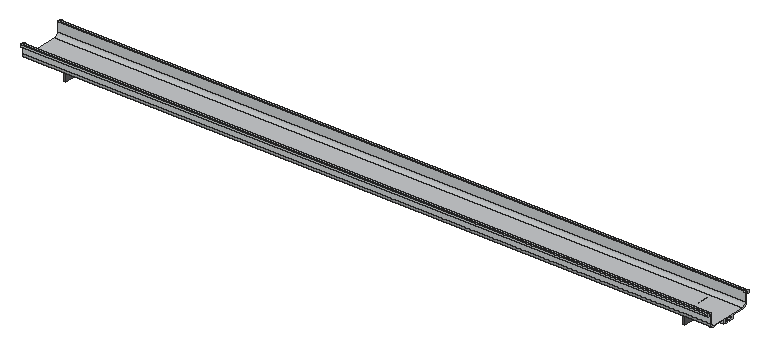
Revit family "Richelieu_Gola_Channel_Profiles_2025", category Generic Models, Revit 2025
Family settings
  Can host rebar = No
  Round Connector Dimension = Use Diameter
  Part Type = Normal
  Cut with Voids When Loaded = No
  Maintain Annotation Orientation = No
  Shared = No
  Room Calculation Point = No
Parameters (values of type "Horizontal - C - Double Grip")
  URL = "https://www.richelieu.com/us/en/category/moldings-corbels-and-components/metal-and-pvc-moldings-profiles-and-rails/gola-cabinet-profiles/1182698"
  Type VS = no
  Type VD = no
  Type HL = no
  Type HC = yes
  Stock Length = 4100 mm
  Show Right End Cap [instance] = no
  Show Mounting Clips [instance] = yes
  Show Left End Cap [instance] = no
  Show Internal 90 Joint [instance] = no
  Show External 90 Joint [instance] = no
  Show Assembly Bracket [instance] = no
  Right End Cap Open [instance] = no
  Profile Width = 26 mm
  Profile Type = "HC"
  Profile Material = Gola - Brushed Stainless Finish
  Profile Height = 72.7 mm
  Open End Cap Product = "7001045170"
  Mounting Clip Material = Gola - Black Plastic Mounting Clips
  Model Accuracy Notes = "Source overall sections: C 26x72.7; L 27x56; vertical single 48.25x36.6; double 66.5x36.6mm. Undimensioned small radii/thickness, teeth and accessory internals simplified. Stock vertical drawing 4400mm; website packaging sometimes states 4500mm."
  Model = "70010040410170"
  Manufacturer Product Number = "70010040410170"
  Manufacturer = "Richelieu Hardware"
  built-in parameter 1001306 [instance] = 1000 mm
  Left End Cap Open [instance] = no
  Internal Joint Product = "7001016I170"
  HL internal joint [instance] = and(Type HL, Show Internal 90 Joint)  # no
  HL external joint [instance] = and(Type HL, Show External 90 Joint)  # no
  HL clips [instance] = and(Type HL, Show Mounting Clips)  # no
  HL bracket linear [instance] = and(Type HL, and(Show Assembly Bracket, Bracket As Linear Join))  # no
  HL bracket bent [instance] = and(Type HL, and(Show Assembly Bracket, not(Bracket As Linear Join)))  # no
  HL Right open [instance] = and(Type HL, and(Show Right End Cap, Right End Cap Open))  # no
  HL Right closed [instance] = and(Type HL, and(Show Right End Cap, not(Right End Cap Open)))  # no
  HL Left open [instance] = and(Type HL, and(Show Left End Cap, Left End Cap Open))  # no
  HL Left closed [instance] = and(Type HL, and(Show Left End Cap, not(Left End Cap Open)))  # no
  HC internal joint [instance] = and(Type HC, Show Internal 90 Joint)  # no
  HC external joint [instance] = and(Type HC, Show External 90 Joint)  # no
  HC clips [instance] = and(Type HC, Show Mounting Clips)  # yes
  HC bracket linear [instance] = and(Type HC, and(Show Assembly Bracket, Bracket As Linear Join))  # no
  HC bracket bent [instance] = and(Type HC, and(Show Assembly Bracket, not(Bracket As Linear Join)))  # no
  HC Right open [instance] = and(Type HC, and(Show Right End Cap, Right End Cap Open))  # no
  HC Right closed [instance] = and(Type HC, and(Show Right End Cap, not(Right End Cap Open)))  # no
  HC Left open [instance] = and(Type HC, and(Show Left End Cap, Left End Cap Open))  # no
  HC Left closed [instance] = and(Type HC, and(Show Left End Cap, not(Left End Cap Open)))  # no
  Grip Configuration = "Double"
  Finish = "Brushed stainless steel appearance"
  External Joint Product = "7001016E170"
  Effective Accessory Offset [instance] = if(Accessory Offset < 25 mm, 25 mm, if(Accessory Offset > [built-in parameter 1001306] / 2 - 20 mm, [built-in parameter 1001306] / 2 - 20 mm, Accessory Offset))  # 50 mm
  Description = "Horizontal - C - Double Grip; line based length with endpoint grips"
  Default Elevation = 0 mm
  Control 3864 Start [instance] = [built-in parameter 1001306] + 25.8 mm  # 1025.8 mm
  Control 3864 End [instance] = [built-in parameter 1001306] + 27 mm  # 1027 mm
  Control 3851 Start [instance] = [built-in parameter 1001306] + 0 mm  # 1000 mm
  Control 3851 End [instance] = [built-in parameter 1001306] + 27 mm  # 1027 mm
  Control 3792 Start [instance] = [built-in parameter 1001306] - 34 mm  # 966 mm
  Control 3792 End [instance] = [built-in parameter 1001306] + 34 mm  # 1034 mm
  Control 3780 Start [instance] = [built-in parameter 1001306] - 2.4 mm  # 997.6 mm
  Control 3768 Start [instance] = [built-in parameter 1001306] - 68 mm  # 932 mm
  Control 3743 Start [instance] = [built-in parameter 1001306] - Effective Accessory Offset - 17 mm  # 933 mm
  Control 3722 End [instance] = [built-in parameter 1001306] - Effective Accessory Offset + 12.2 mm  # 962.2 mm
  Control 3709 Start [instance] = [built-in parameter 1001306] - Effective Accessory Offset  # 950 mm
  Control 3709 End [instance] = [built-in parameter 1001306] - Effective Accessory Offset + 3 mm  # 953 mm
  Control 3686 Start [instance] = Effective Accessory Offset - 17 mm  # 33 mm
  Control 3665 End [instance] = Effective Accessory Offset + 12.2 mm  # 62.2 mm
  Control 3653 End [instance] = Effective Accessory Offset + 3 mm  # 53 mm
  Control 3640 Start [instance] = [built-in parameter 1001306] - 8 mm  # 992 mm
  Control 3548 End [instance] = [built-in parameter 1001306] + 11 mm  # 1011 mm
  Control 3536 End [instance] = [built-in parameter 1001306] + 2 mm  # 1002 mm
  Closed End Cap Product = "7001046170"
  Cap Material = Gola - Brushed Stainless Finish
  Bracket Material = Gola - Galvanized Bracket
  Bracket As Linear Join [instance] = no
  Base Material = "Anodized aluminum"
  Application = "Horizontal"
  Accessory Offset [instance] = 50 mm
  Accessory Notes = "Horizontal: BP7001010 clips; 70010999 bracket. Internal joint at START, external at END. Disable end cap where corner used. Vertical: direct screw fixing; horizontal fittings suppressed."
Reference planes
  plane 1 "Center (Front/Back)": y = 0
  plane 2: z = 0
  plane 3 "Left": x = 0
  plane 4 "Right": x = 1000
Forms (mm)
  Extrusion 1, solid, material "Gola - Brushed Stainless Finish" <- "Profile Material", visible <- "Type HC"
    sketch origin (0, 0, 0) x (0, 1, 0) y (0, 0, 1)
      loop
        line (72.7, 22) -> (72.7, 24.8)
        arc (72.7, 24.8) -> (72.349, 25.648) -> (71.5, 26) r 1.2
        line (71.5, 26) -> (68.9, 26)
        arc (68.9, 26) -> (68.052, 25.648) -> (67.7, 24.8) r 1.2
        line (67.7, 24.8) -> (67.7, 11.9)
        arc (67.7, 11.9) -> (66.118, 8.082) -> (62.3, 6.5) r 5.4
        line (62.3, 6.5) -> (10.4, 6.5)
        arc (10.4, 6.5) -> (6.582, 8.082) -> (5, 11.9) r 5.4
        line (5, 11.9) -> (5, 24.8)
        arc (5, 24.8) -> (4.648, 25.648) -> (3.8, 26) r 1.2
        line (3.8, 26) -> (1.2, 26)
        arc (1.2, 26) -> (0.352, 25.648) -> (0, 24.8) r 1.2
        line (0, 24.8) -> (0, 22) -> (1.2, 22) -> (1.2, 24.8) -> (3.8, 24.8) -> (3.8, 11.9)
        arc (3.8, 11.9) -> (5.733, 7.233) -> (10.4, 5.3) r 6.6
        line (10.4, 5.3) -> (28.2, 5.3) -> (28.2, 0) -> (33.4, 0) -> (33.4, 1.2) -> (29.4, 1.2) -> (29.4, 5.3) -> (43.3, 5.3) -> (43.3, 1.2) -> (39.3, 1.2) -> (39.3, 0) -> (44.5, 0) -> (44.5, 5.3) -> (62.3, 5.3)
        arc (62.3, 5.3) -> (66.967, 7.233) -> (68.9, 11.9) r 6.6
        line (68.9, 11.9) -> (68.9, 24.8) -> (71.5, 24.8) -> (71.5, 22) -> (72.7, 22)
    from 0 to 1000 <- "built-in parameter 1001306"
  Extrusion 2, solid, material "Gola - Brushed Stainless Finish" <- "Cap Material", visible <- "HC Left closed"
    sketch origin (0, 0, 0) x (0, 1, 0) y (0, 0, 1)
      loop
        line (0, 0) -> (72.7, 0) -> (72.7, 26) -> (0, 26) -> (0, 0)
    from -2 to 0
  Extrusion 3, solid, material "Gola - Brushed Stainless Finish" <- "Cap Material", visible <- "HC Left open"
    sketch origin (0, 0, 0) x (0, 1, 0) y (0, 0, 1)
      loop
        line (74.35, 24.538) -> (74.35, 27.662)
        arc (74.35, 27.662) -> (74, 28.59) -> (73.096, 29) r 1.299
        line (73.096, 29) -> (70.378, 29)
        arc (70.378, 29) -> (69.474, 28.59) -> (69.123, 27.662) r 1.299
        line (69.123, 27.662) -> (69.123, 13.273)
        arc (69.123, 13.273) -> (67.546, 9.094) -> (63.478, 7.25) r 5.843
        line (63.478, 7.25) -> (9.222, 7.25)
        arc (9.222, 7.25) -> (5.154, 9.094) -> (3.577, 13.273) r 5.843
        line (3.577, 13.273) -> (3.577, 27.662)
        arc (3.577, 27.662) -> (3.226, 28.59) -> (2.322, 29) r 1.299
        line (2.322, 29) -> (-0.396, 29)
        arc (-0.396, 29) -> (-1.3, 28.59) -> (-1.65, 27.662) r 1.299
        line (-1.65, 27.662) -> (-1.65, 24.538) -> (-0.396, 24.538) -> (-0.396, 27.662) -> (2.322, 27.662) -> (2.322, 13.273)
        arc (2.322, 13.273) -> (4.25, 8.165) -> (9.222, 5.912) r 7.142
        line (9.222, 5.912) -> (27.83, 5.912) -> (27.83, 0) -> (33.266, 0) -> (33.266, 1.338) -> (29.085, 1.338) -> (29.085, 5.912) -> (43.615, 5.912) -> (43.615, 1.338) -> (39.434, 1.338) -> (39.434, 0) -> (44.87, 0) -> (44.87, 5.912) -> (63.478, 5.912)
        arc (63.478, 5.912) -> (68.45, 8.165) -> (70.378, 13.273) r 7.142
        line (70.378, 13.273) -> (70.378, 27.662) -> (73.096, 27.662) -> (73.096, 24.538) -> (74.35, 24.538)
    from -11 to 0
  Extrusion 4, solid, material "Gola - Brushed Stainless Finish" <- "Cap Material", visible <- "HC Left closed"
    sketch origin (0, 0, 0) x (0, 1, 0) y (0, 0, 1)
      loop
        line (7, 5.3) -> (65.7, 5.3) -> (65.7, 7) -> (7, 7) -> (7, 5.3)
    from 0 to 8
  Extrusion 5, solid, material "Gola - Brushed Stainless Finish" <- "Cap Material", visible <- "HC Right closed"
    sketch origin (0, 0, 0) x (0, 1, 0) y (0, 0, 1)
      loop
        line (0, 0) -> (72.7, 0) -> (72.7, 26) -> (0, 26) -> (0, 0)
    from 1000 <- "built-in parameter 1001306" to 1002 <- "Control 3536 End"
  Extrusion 6, solid, material "Gola - Brushed Stainless Finish" <- "Cap Material", visible <- "HC Right open"
    sketch origin (0, 0, 0) x (0, 1, 0) y (0, 0, 1)
      loop
        line (74.35, 24.538) -> (74.35, 27.662)
        arc (74.35, 27.662) -> (74, 28.59) -> (73.096, 29) r 1.299
        line (73.096, 29) -> (70.378, 29)
        arc (70.378, 29) -> (69.474, 28.59) -> (69.123, 27.662) r 1.299
        line (69.123, 27.662) -> (69.123, 13.273)
        arc (69.123, 13.273) -> (67.546, 9.094) -> (63.478, 7.25) r 5.843
        line (63.478, 7.25) -> (9.222, 7.25)
        arc (9.222, 7.25) -> (5.154, 9.094) -> (3.577, 13.273) r 5.843
        line (3.577, 13.273) -> (3.577, 27.662)
        arc (3.577, 27.662) -> (3.226, 28.59) -> (2.322, 29) r 1.299
        line (2.322, 29) -> (-0.396, 29)
        arc (-0.396, 29) -> (-1.3, 28.59) -> (-1.65, 27.662) r 1.299
        line (-1.65, 27.662) -> (-1.65, 24.538) -> (-0.396, 24.538) -> (-0.396, 27.662) -> (2.322, 27.662) -> (2.322, 13.273)
        arc (2.322, 13.273) -> (4.25, 8.165) -> (9.222, 5.912) r 7.142
        line (9.222, 5.912) -> (27.83, 5.912) -> (27.83, 0) -> (33.266, 0) -> (33.266, 1.338) -> (29.085, 1.338) -> (29.085, 5.912) -> (43.615, 5.912) -> (43.615, 1.338) -> (39.434, 1.338) -> (39.434, 0) -> (44.87, 0) -> (44.87, 5.912) -> (63.478, 5.912)
        arc (63.478, 5.912) -> (68.45, 8.165) -> (70.378, 13.273) r 7.142
        line (70.378, 13.273) -> (70.378, 27.662) -> (73.096, 27.662) -> (73.096, 24.538) -> (74.35, 24.538)
    from 1000 <- "built-in parameter 1001306" to 1011 <- "Control 3548 End"
  Extrusion 7, solid, material "Gola - Brushed Stainless Finish" <- "Cap Material", visible <- "HC Right closed"
    sketch origin (0, 0, 0) x (0, 1, 0) y (0, 0, 1)
      loop
        line (7, 5.3) -> (65.7, 5.3) -> (65.7, 7) -> (7, 7) -> (7, 5.3)
    from 992 <- "Control 3640 Start" to 1000 <- "built-in parameter 1001306"
  Extrusion 8, solid, material "Gola - Black Plastic Mounting Clips" <- "Mounting Clip Material", visible <- "HC clips"
    sketch origin (0, 0, 0) x (0, 1, 0) y (0, 0, 1)
      loop
        line (16.35, -12) -> (56.35, -12) -> (56.35, 5) -> (16.35, 5) -> (16.35, -12)
    from 50 <- "Effective Accessory Offset" to 53 <- "Control 3653 End"
  Extrusion 9, solid, material "Gola - Black Plastic Mounting Clips" <- "Mounting Clip Material", visible <- "HC clips"
    sketch origin (0, 0, 0) x (0, 1, 0) y (0, 0, 1)
      loop
        circle (20.35, 0.5) r 2.65
    from 53 <- "Control 3653 End" to 62.2 <- "Control 3665 End"
  Extrusion 10, solid, material "Gola - Black Plastic Mounting Clips" <- "Mounting Clip Material", visible <- "HC clips"
    sketch origin (0, 0, 0) x (0, 1, 0) y (0, 0, 1)
      loop
        circle (52.35, 0.5) r 2.65
    from 53 <- "Control 3653 End" to 62.2 <- "Control 3665 End"
  Extrusion 11, solid, material "Gola - Black Plastic Mounting Clips" <- "Mounting Clip Material", visible <- "HC clips"
    sketch origin (0, 0, 0) x (0, 1, 0) y (0, 0, 1)
      loop
        line (28.35, 0) -> (33.85, 0) -> (33.85, 4.3) -> (28.35, 4.3) -> (28.35, 0)
    from 33 <- "Control 3686 Start" to 50 <- "Effective Accessory Offset"
  Extrusion 12, solid, material "Gola - Black Plastic Mounting Clips" <- "Mounting Clip Material", visible <- "HC clips"
    sketch origin (0, 0, 0) x (0, 1, 0) y (0, 0, 1)
      loop
        line (38.85, 0) -> (44.35, 0) -> (44.35, 4.3) -> (38.85, 4.3) -> (38.85, 0)
    from 33 <- "Control 3686 Start" to 50 <- "Effective Accessory Offset"
  Extrusion 13, solid, material "Gola - Black Plastic Mounting Clips" <- "Mounting Clip Material", visible <- "HC clips"
    sketch origin (0, 0, 0) x (0, 1, 0) y (0, 0, 1)
      loop
        line (16.35, -12) -> (56.35, -12) -> (56.35, 5) -> (16.35, 5) -> (16.35, -12)
    from 950 <- "Control 3709 Start" to 953 <- "Control 3709 End"
  Extrusion 14, solid, material "Gola - Black Plastic Mounting Clips" <- "Mounting Clip Material", visible <- "HC clips"
    sketch origin (0, 0, 0) x (0, 1, 0) y (0, 0, 1)
      loop
        circle (20.35, 0.5) r 2.65
    from 953 <- "Control 3709 End" to 962.2 <- "Control 3722 End"
  Extrusion 15, solid, material "Gola - Black Plastic Mounting Clips" <- "Mounting Clip Material", visible <- "HC clips"
    sketch origin (0, 0, 0) x (0, 1, 0) y (0, 0, 1)
      loop
        circle (52.35, 0.5) r 2.65
    from 953 <- "Control 3709 End" to 962.2 <- "Control 3722 End"
  Extrusion 16, solid, material "Gola - Black Plastic Mounting Clips" <- "Mounting Clip Material", visible <- "HC clips"
    sketch origin (0, 0, 0) x (0, 1, 0) y (0, 0, 1)
      loop
        line (28.35, 0) -> (33.85, 0) -> (33.85, 4.3) -> (28.35, 4.3) -> (28.35, 0)
    from 933 <- "Control 3743 Start" to 950 <- "Control 3709 Start"
  Extrusion 17, solid, material "Gola - Black Plastic Mounting Clips" <- "Mounting Clip Material", visible <- "HC clips"
    sketch origin (0, 0, 0) x (0, 1, 0) y (0, 0, 1)
      loop
        line (38.85, 0) -> (44.35, 0) -> (44.35, 4.3) -> (38.85, 4.3) -> (38.85, 0)
    from 933 <- "Control 3743 Start" to 950 <- "Control 3709 Start"
  Extrusion 18, solid, material "Gola - Galvanized Bracket" <- "Bracket Material", visible <- "HC bracket bent"
    sketch origin (0, 0, 0) x (0, 1, 0) y (0, 0, 1)
      loop
        line (30.85, 1.5) -> (41.85, 1.5) -> (41.85, 3.9) -> (30.85, 3.9) -> (30.85, 1.5)
    from 932 <- "Control 3768 Start" to 1000 <- "built-in parameter 1001306"
  Extrusion 19, solid, material "Gola - Galvanized Bracket" <- "Bracket Material", visible <- "HC bracket bent"
    sketch origin (0, 0, 0) x (0, 1, 0) y (0, 0, 1)
      loop
        line (30.85, -34.1) -> (41.85, -34.1) -> (41.85, 3.9) -> (30.85, 3.9) -> (30.85, -34.1)
    from 997.6 <- "Control 3780 Start" to 1000 <- "built-in parameter 1001306"
  Extrusion 20, solid, material "Gola - Galvanized Bracket" <- "Bracket Material", visible <- "HC bracket linear"
    sketch origin (0, 0, 0) x (0, 1, 0) y (0, 0, 1)
      loop
        line (30.85, 1.5) -> (41.85, 1.5) -> (41.85, 3.9) -> (30.85, 3.9) -> (30.85, 1.5)
    from 966 <- "Control 3792 Start" to 1034 <- "Control 3792 End"
  Extrusion 21, solid, material "Gola - Brushed Stainless Finish" <- "Profile Material", visible <- "HC internal joint"
    sketch origin (0, 0, 0) x (0, 1, 0) y (0, 0, 1)
      loop
        line (5, 5.3) -> (67.7, 5.3) -> (67.7, 6.5) -> (5, 6.5) -> (5, 5.3)
    from -29 to 0
  Extrusion 22, solid, material "Gola - Brushed Stainless Finish" <- "Profile Material", visible <- "HC internal joint"
    sketch origin (0, 0, 0) x (0, 1, 0) y (0, 0, 1)
      loop
        line (5, 5.3) -> (67.7, 5.3) -> (67.7, 33.1) -> (5, 33.1) -> (5, 5.3)
    from -29 to -27.8
  Extrusion 23, solid, material "Gola - Brushed Stainless Finish" <- "Profile Material", visible <- "HC internal joint"
    sketch origin (0, 0, 0) x (0, 1, 0) y (0, 0, 1)
      loop
        line (3.8, 5.3) -> (5, 5.3) -> (5, 34.3) -> (3.8, 34.3) -> (3.8, 5.3)
    from -29 to 0
  Extrusion 24, solid, material "Gola - Brushed Stainless Finish" <- "Profile Material", visible <- "HC internal joint"
    sketch origin (0, 0, 0) x (0, 1, 0) y (0, 0, 1)
      loop
        line (67.7, 5.3) -> (68.9, 5.3) -> (68.9, 34.3) -> (67.7, 34.3) -> (67.7, 5.3)
    from -29 to 0
  Extrusion 25, solid, material "Gola - Brushed Stainless Finish" <- "Profile Material", visible <- "HC external joint"
    sketch origin (0, 0, 0) x (0, 1, 0) y (0, 0, 1)
      loop
        line (5, 24.8) -> (67.7, 24.8) -> (67.7, 26) -> (5, 26) -> (5, 24.8)
    from 1000 <- "Control 3851 Start" to 1027 <- "Control 3851 End"
  Extrusion 26, solid, material "Gola - Brushed Stainless Finish" <- "Profile Material", visible <- "HC external joint"
    sketch origin (0, 0, 0) x (0, 1, 0) y (0, 0, 1)
      loop
        line (5, -1) -> (67.7, -1) -> (67.7, 24.8) -> (5, 24.8) -> (5, -1)
    from 1025.8 <- "Control 3864 Start" to 1027 <- "Control 3864 End"
  Extrusion 27, solid, material "Gola - Brushed Stainless Finish" <- "Profile Material", visible <- "HC external joint"
    sketch origin (0, 0, 0) x (0, 1, 0) y (0, 0, 1)
      loop
        line (3.8, -1) -> (5, -1) -> (5, 26) -> (3.8, 26) -> (3.8, -1)
    from 1000 <- "Control 3851 Start" to 1027 <- "Control 3851 End"
  Extrusion 28, solid, material "Gola - Brushed Stainless Finish" <- "Profile Material", visible <- "HC external joint"
    sketch origin (0, 0, 0) x (0, 1, 0) y (0, 0, 1)
      loop
        line (67.7, -1) -> (68.9, -1) -> (68.9, 26) -> (67.7, 26) -> (67.7, -1)
    from 1000 <- "Control 3851 Start" to 1027 <- "Control 3851 End"
  Extrusion 29, solid, material "Gola - Brushed Stainless Finish" <- "Profile Material", visible <- "Type HL"
    sketch origin (0, 0, 0) x (0, 1, 0) y (0, 0, 1)
      loop
        line (56, 0) -> (56, 6.3)
        arc (56, 6.3) -> (55.649, 7.149) -> (54.8, 7.5) r 1.2
        line (54.8, 7.5) -> (10.5, 7.5)
        arc (10.5, 7.5) -> (6.682, 9.082) -> (5.1, 12.9) r 5.4
        line (5.1, 12.9) -> (5.1, 25.8)
        arc (5.1, 25.8) -> (4.748, 26.649) -> (3.9, 27) r 1.2
        line (3.9, 27) -> (1.2, 27)
        arc (1.2, 27) -> (0.352, 26.648) -> (0, 25.8) r 1.2
        line (0, 25.8) -> (0, 23) -> (1.2, 23) -> (1.2, 25.8) -> (3.9, 25.8) -> (3.9, 12.9)
        arc (3.9, 12.9) -> (5.833, 8.233) -> (10.5, 6.3) r 6.6
        line (10.5, 6.3) -> (10.7, 0.9) -> (15.9, 0.9) -> (15.9, 2.1) -> (11.9, 2.1) -> (11.9, 6.3) -> (25.6, 6.3) -> (25.6, 2.1) -> (21.6, 2.1) -> (21.6, 0.9) -> (26.8, 0.9) -> (26.8, 6.3) -> (54.8, 6.3) -> (54.8, 1.2) -> (53.5, 1.2) -> (53.5, 0) -> (56, 0)
    from 0 to 1000 <- "built-in parameter 1001306"
  Extrusion 30, solid, material "Gola - Brushed Stainless Finish" <- "Cap Material", visible <- "HL Left closed"
    sketch origin (0, 0, 0) x (0, 1, 0) y (0, 0, 1)
      loop
        line (0, 0) -> (56, 0) -> (56, 27) -> (0, 27) -> (0, 0)
    from -2 to 0
  Extrusion 31, solid, material "Gola - Brushed Stainless Finish" <- "Cap Material", visible <- "HL Left open"
    sketch origin (0, 0, 0) x (0, 1, 0) y (0, 0, 1)
      loop
        line (57, 0) -> (57, 6.767)
        arc (57, 6.767) -> (56.645, 7.668) -> (55.757, 8.056) r 1.267
        line (55.757, 8.056) -> (9.875, 8.056)
        arc (9.875, 8.056) -> (5.878, 9.798) -> (4.282, 13.856) r 5.699
        line (4.282, 13.856) -> (4.282, 27.711)
        arc (4.282, 27.711) -> (3.927, 28.613) -> (3.039, 29) r 1.267
        line (3.039, 29) -> (0.243, 29)
        arc (0.243, 29) -> (-0.645, 28.613) -> (-1, 27.711) r 1.267
        line (-1, 27.711) -> (-1, 24.704) -> (0.243, 24.704) -> (0.243, 27.711) -> (3.039, 27.711) -> (3.039, 13.856)
        arc (3.039, 13.856) -> (4.99, 8.896) -> (9.875, 6.767) r 6.966
        line (9.875, 6.767) -> (10.082, 0.967) -> (15.468, 0.967) -> (15.468, 2.256) -> (11.325, 2.256) -> (11.325, 6.767) -> (25.514, 6.767) -> (25.514, 2.256) -> (21.371, 2.256) -> (21.371, 0.967) -> (26.757, 0.967) -> (26.757, 6.767) -> (55.757, 6.767) -> (55.757, 1.289) -> (54.411, 1.289) -> (54.411, 0) -> (57, 0)
    from -11 to 0
  Extrusion 32, solid, material "Gola - Brushed Stainless Finish" <- "Cap Material", visible <- "HL Left closed"
    sketch origin (0, 0, 0) x (0, 1, 0) y (0, 0, 1)
      loop
        line (7, 5.3) -> (49, 5.3) -> (49, 7) -> (7, 7) -> (7, 5.3)
    from 0 to 8
  Extrusion 33, solid, material "Gola - Brushed Stainless Finish" <- "Cap Material", visible <- "HL Right closed"
    sketch origin (0, 0, 0) x (0, 1, 0) y (0, 0, 1)
      loop
        line (0, 0) -> (56, 0) -> (56, 27) -> (0, 27) -> (0, 0)
    from 1000 <- "built-in parameter 1001306" to 1002 <- "Control 3536 End"
  Extrusion 34, solid, material "Gola - Brushed Stainless Finish" <- "Cap Material", visible <- "HL Right open"
    sketch origin (0, 0, 0) x (0, 1, 0) y (0, 0, 1)
      loop
        line (57, 0) -> (57, 6.767)
        arc (57, 6.767) -> (56.645, 7.668) -> (55.757, 8.056) r 1.267
        line (55.757, 8.056) -> (9.875, 8.056)
        arc (9.875, 8.056) -> (5.878, 9.798) -> (4.282, 13.856) r 5.699
        line (4.282, 13.856) -> (4.282, 27.711)
        arc (4.282, 27.711) -> (3.927, 28.613) -> (3.039, 29) r 1.267
        line (3.039, 29) -> (0.243, 29)
        arc (0.243, 29) -> (-0.645, 28.613) -> (-1, 27.711) r 1.267
        line (-1, 27.711) -> (-1, 24.704) -> (0.243, 24.704) -> (0.243, 27.711) -> (3.039, 27.711) -> (3.039, 13.856)
        arc (3.039, 13.856) -> (4.99, 8.896) -> (9.875, 6.767) r 6.966
        line (9.875, 6.767) -> (10.082, 0.967) -> (15.468, 0.967) -> (15.468, 2.256) -> (11.325, 2.256) -> (11.325, 6.767) -> (25.514, 6.767) -> (25.514, 2.256) -> (21.371, 2.256) -> (21.371, 0.967) -> (26.757, 0.967) -> (26.757, 6.767) -> (55.757, 6.767) -> (55.757, 1.289) -> (54.411, 1.289) -> (54.411, 0) -> (57, 0)
    from 1000 <- "built-in parameter 1001306" to 1011 <- "Control 3548 End"
  Extrusion 35, solid, material "Gola - Brushed Stainless Finish" <- "Cap Material", visible <- "HL Right closed"
    sketch origin (0, 0, 0) x (0, 1, 0) y (0, 0, 1)
      loop
        line (7, 5.3) -> (49, 5.3) -> (49, 7) -> (7, 7) -> (7, 5.3)
    from 992 <- "Control 3640 Start" to 1000 <- "built-in parameter 1001306"
  Extrusion 36, solid, material "Gola - Black Plastic Mounting Clips" <- "Mounting Clip Material", visible <- "HL clips"
    sketch origin (0, 0, 0) x (0, 1, 0) y (0, 0, 1)
      loop
        line (-1.25, -12) -> (38.75, -12) -> (38.75, 5) -> (-1.25, 5) -> (-1.25, -12)
    from 50 <- "Effective Accessory Offset" to 53 <- "Control 3653 End"
  Extrusion 37, solid, material "Gola - Black Plastic Mounting Clips" <- "Mounting Clip Material", visible <- "HL clips"
    sketch origin (0, 0, 0) x (0, 1, 0) y (0, 0, 1)
      loop
        circle (2.75, 0.5) r 2.65
    from 53 <- "Control 3653 End" to 62.2 <- "Control 3665 End"
  Extrusion 38, solid, material "Gola - Black Plastic Mounting Clips" <- "Mounting Clip Material", visible <- "HL clips"
    sketch origin (0, 0, 0) x (0, 1, 0) y (0, 0, 1)
      loop
        circle (34.75, 0.5) r 2.65
    from 53 <- "Control 3653 End" to 62.2 <- "Control 3665 End"
  Extrusion 39, solid, material "Gola - Black Plastic Mounting Clips" <- "Mounting Clip Material", visible <- "HL clips"
    sketch origin (0, 0, 0) x (0, 1, 0) y (0, 0, 1)
      loop
        line (10.75, 0) -> (16.25, 0) -> (16.25, 4.3) -> (10.75, 4.3) -> (10.75, 0)
    from 33 <- "Control 3686 Start" to 50 <- "Effective Accessory Offset"
  Extrusion 40, solid, material "Gola - Black Plastic Mounting Clips" <- "Mounting Clip Material", visible <- "HL clips"
    sketch origin (0, 0, 0) x (0, 1, 0) y (0, 0, 1)
      loop
        line (21.25, 0) -> (26.75, 0) -> (26.75, 4.3) -> (21.25, 4.3) -> (21.25, 0)
    from 33 <- "Control 3686 Start" to 50 <- "Effective Accessory Offset"
  Extrusion 41, solid, material "Gola - Black Plastic Mounting Clips" <- "Mounting Clip Material", visible <- "HL clips"
    sketch origin (0, 0, 0) x (0, 1, 0) y (0, 0, 1)
      loop
        line (-1.25, -12) -> (38.75, -12) -> (38.75, 5) -> (-1.25, 5) -> (-1.25, -12)
    from 950 <- "Control 3709 Start" to 953 <- "Control 3709 End"
  Extrusion 42, solid, material "Gola - Black Plastic Mounting Clips" <- "Mounting Clip Material", visible <- "HL clips"
    sketch origin (0, 0, 0) x (0, 1, 0) y (0, 0, 1)
      loop
        circle (2.75, 0.5) r 2.65
    from 953 <- "Control 3709 End" to 962.2 <- "Control 3722 End"
  Extrusion 43, solid, material "Gola - Black Plastic Mounting Clips" <- "Mounting Clip Material", visible <- "HL clips"
    sketch origin (0, 0, 0) x (0, 1, 0) y (0, 0, 1)
      loop
        circle (34.75, 0.5) r 2.65
    from 953 <- "Control 3709 End" to 962.2 <- "Control 3722 End"
  Extrusion 44, solid, material "Gola - Black Plastic Mounting Clips" <- "Mounting Clip Material", visible <- "HL clips"
    sketch origin (0, 0, 0) x (0, 1, 0) y (0, 0, 1)
      loop
        line (10.75, 0) -> (16.25, 0) -> (16.25, 4.3) -> (10.75, 4.3) -> (10.75, 0)
    from 933 <- "Control 3743 Start" to 950 <- "Control 3709 Start"
  Extrusion 45, solid, material "Gola - Black Plastic Mounting Clips" <- "Mounting Clip Material", visible <- "HL clips"
    sketch origin (0, 0, 0) x (0, 1, 0) y (0, 0, 1)
      loop
        line (21.25, 0) -> (26.75, 0) -> (26.75, 4.3) -> (21.25, 4.3) -> (21.25, 0)
    from 933 <- "Control 3743 Start" to 950 <- "Control 3709 Start"
  Extrusion 46, solid, material "Gola - Galvanized Bracket" <- "Bracket Material", visible <- "HL bracket bent"
    sketch origin (0, 0, 0) x (0, 1, 0) y (0, 0, 1)
      loop
        line (13.25, 1.5) -> (24.25, 1.5) -> (24.25, 3.9) -> (13.25, 3.9) -> (13.25, 1.5)
    from 932 <- "Control 3768 Start" to 1000 <- "built-in parameter 1001306"
  Extrusion 47, solid, material "Gola - Galvanized Bracket" <- "Bracket Material", visible <- "HL bracket bent"
    sketch origin (0, 0, 0) x (0, 1, 0) y (0, 0, 1)
      loop
        line (13.25, -34.1) -> (24.25, -34.1) -> (24.25, 3.9) -> (13.25, 3.9) -> (13.25, -34.1)
    from 997.6 <- "Control 3780 Start" to 1000 <- "built-in parameter 1001306"
  Extrusion 48, solid, material "Gola - Galvanized Bracket" <- "Bracket Material", visible <- "HL bracket linear"
    sketch origin (0, 0, 0) x (0, 1, 0) y (0, 0, 1)
      loop
        line (13.25, 1.5) -> (24.25, 1.5) -> (24.25, 3.9) -> (13.25, 3.9) -> (13.25, 1.5)
    from 966 <- "Control 3792 Start" to 1034 <- "Control 3792 End"
  Extrusion 49, solid, material "Gola - Brushed Stainless Finish" <- "Profile Material", visible <- "HL internal joint"
    sketch origin (0, 0, 0) x (0, 1, 0) y (0, 0, 1)
      loop
        line (5, 5.3) -> (51, 5.3) -> (51, 6.5) -> (5, 6.5) -> (5, 5.3)
    from -29 to 0
  Extrusion 50, solid, material "Gola - Brushed Stainless Finish" <- "Profile Material", visible <- "HL internal joint"
    sketch origin (0, 0, 0) x (0, 1, 0) y (0, 0, 1)
      loop
        line (5, 5.3) -> (51, 5.3) -> (51, 33.1) -> (5, 33.1) -> (5, 5.3)
    from -29 to -27.8
  Extrusion 51, solid, material "Gola - Brushed Stainless Finish" <- "Profile Material", visible <- "HL internal joint"
    sketch origin (0, 0, 0) x (0, 1, 0) y (0, 0, 1)
      loop
        line (3.9, 5.3) -> (5.1, 5.3) -> (5.1, 34.3) -> (3.9, 34.3) -> (3.9, 5.3)
    from -29 to 0
  Extrusion 52, solid, material "Gola - Brushed Stainless Finish" <- "Profile Material", visible <- "HL external joint"
    sketch origin (0, 0, 0) x (0, 1, 0) y (0, 0, 1)
      loop
        line (5, 25.8) -> (51, 25.8) -> (51, 27) -> (5, 27) -> (5, 25.8)
    from 1000 <- "Control 3851 Start" to 1027 <- "Control 3851 End"
  Extrusion 53, solid, material "Gola - Brushed Stainless Finish" <- "Profile Material", visible <- "HL external joint"
    sketch origin (0, 0, 0) x (0, 1, 0) y (0, 0, 1)
      loop
        line (5, 0) -> (51, 0) -> (51, 25.8) -> (5, 25.8) -> (5, 0)
    from 1025.8 <- "Control 3864 Start" to 1027 <- "Control 3864 End"
  Extrusion 54, solid, material "Gola - Brushed Stainless Finish" <- "Profile Material", visible <- "HL external joint"
    sketch origin (0, 0, 0) x (0, 1, 0) y (0, 0, 1)
      loop
        line (3.9, 0) -> (5.1, 0) -> (5.1, 27) -> (3.9, 27) -> (3.9, 0)
    from 1000 <- "Control 3851 Start" to 1027 <- "Control 3851 End"
  Extrusion 55, solid, material "Gola - Brushed Stainless Finish" <- "Profile Material", visible <- "Type VS"
    sketch origin (0, 0, 0) x (0, 1, 0) y (0, 0, 1)
      loop
        line (0, 24.6) -> (34.2, 24.6)
        arc (34.2, 24.6) -> (38.807, 26.342) -> (41.1, 30.7) r 6.944
        line (41.1, 30.7) -> (42, 35.4) -> (47.05, 35.4) -> (47.05, 25.8) -> (45.75, 25.8) -> (45.75, 24.6) -> (48.25, 24.6) -> (48.25, 36.6) -> (40.9, 36.6) -> (39.9, 30.9)
        arc (39.9, 30.9) -> (38.061, 27.221) -> (34.2, 25.8) r 5.583
        line (34.2, 25.8) -> (7.2, 25.8)
        arc (7.2, 25.8) -> (2.957, 27.557) -> (1.2, 31.8) r 5.999
        line (1.2, 31.8) -> (1.2, 36.6) -> (0, 36.6) -> (0, 24.6)
    from 0 to 1000 <- "built-in parameter 1001306"
  Extrusion 56, solid, material "Gola - Brushed Stainless Finish" <- "Profile Material", visible <- "Type VS"
    sketch origin (0, 0, 0) x (0, 1, 0) y (0, 0, 1)
      loop
        line (0, 0) -> (1.2, 0) -> (1.2, 1.6) -> (28.8, 1.6) -> (28.8, 0) -> (30, 0) -> (30, 2.8) -> (21.4, 2.8)
        arc (21.4, 2.8) -> (20.3, 4.6) -> (21.4, 6.4) r 2.023
        line (21.4, 6.4) -> (30, 6.4) -> (30, 24.6) -> (28.8, 24.6) -> (28.8, 7.6) -> (21.4, 7.6)
        arc (21.4, 7.6) -> (19.544, 6.642) -> (19.1, 4.6) r 2.452
        arc (19.1, 4.6) -> (19.183, 3.674) -> (19.5, 2.8) r 3.598
        line (19.5, 2.8) -> (10.5, 2.8)
        arc (10.5, 2.8) -> (10.817, 3.674) -> (10.9, 4.6) r 3.598
        arc (10.9, 4.6) -> (10.456, 6.642) -> (8.6, 7.6) r 2.452
        line (8.6, 7.6) -> (1.2, 7.6) -> (1.2, 24.6) -> (0, 24.6) -> (0, 6.4) -> (8.6, 6.4)
        arc (8.6, 6.4) -> (9.7, 4.6) -> (8.6, 2.8) r 2.023
        line (8.6, 2.8) -> (0, 2.8) -> (0, 0)
    from 0 to 1000 <- "built-in parameter 1001306"
  Extrusion 57, solid, material "Gola - Brushed Stainless Finish" <- "Profile Material", visible <- "Type VD"
    sketch origin (0, 0, 0) x (0, 1, 0) y (0, 0, 1)
      loop
        line (0, 24.6) -> (2.5, 24.6) -> (2.5, 25.8) -> (1.2, 25.8) -> (1.2, 35.4) -> (7.1, 35.4) -> (8.1, 30.7)
        arc (8.1, 30.7) -> (10.393, 26.342) -> (15, 24.6) r 6.944
        line (15, 24.6) -> (51.5, 24.6)
        arc (51.5, 24.6) -> (56.107, 26.342) -> (58.4, 30.7) r 6.944
        line (58.4, 30.7) -> (59.4, 35.4) -> (65.3, 35.4) -> (65.3, 25.8) -> (64, 25.8) -> (64, 24.6) -> (66.5, 24.6) -> (66.5, 36.6) -> (58.3, 36.6) -> (57.2, 30.9)
        arc (57.2, 30.9) -> (55.361, 27.221) -> (51.5, 25.8) r 5.583
        line (51.5, 25.8) -> (15, 25.8)
        arc (15, 25.8) -> (11.139, 27.221) -> (9.3, 30.9) r 5.583
        line (9.3, 30.9) -> (8.2, 36.6) -> (0, 36.6) -> (0, 24.6)
    from 0 to 1000 <- "built-in parameter 1001306"
  Extrusion 58, solid, material "Gola - Brushed Stainless Finish" <- "Profile Material", visible <- "Type VD"
    sketch origin (0, 0, 0) x (0, 1, 0) y (0, 0, 1)
      loop
        line (18.25, 0) -> (19.45, 0) -> (19.45, 1.6) -> (47.05, 1.6) -> (47.05, 0) -> (48.25, 0) -> (48.25, 2.8) -> (39.65, 2.8)
        arc (39.65, 2.8) -> (38.55, 4.6) -> (39.65, 6.4) r 2.023
        line (39.65, 6.4) -> (48.25, 6.4) -> (48.25, 24.6) -> (47.05, 24.6) -> (47.05, 7.6) -> (39.65, 7.6)
        arc (39.65, 7.6) -> (37.794, 6.642) -> (37.35, 4.6) r 2.452
        arc (37.35, 4.6) -> (37.433, 3.674) -> (37.75, 2.8) r 3.598
        line (37.75, 2.8) -> (28.75, 2.8)
        arc (28.75, 2.8) -> (29.067, 3.674) -> (29.15, 4.6) r 3.598
        arc (29.15, 4.6) -> (28.706, 6.642) -> (26.85, 7.6) r 2.452
        line (26.85, 7.6) -> (19.45, 7.6) -> (19.45, 24.6) -> (18.25, 24.6) -> (18.25, 6.4) -> (26.85, 6.4)
        arc (26.85, 6.4) -> (27.95, 4.6) -> (26.85, 2.8) r 2.023
        line (26.85, 2.8) -> (18.25, 2.8) -> (18.25, 0)
    from 0 to 1000 <- "built-in parameter 1001306"
Lines and regions (mm)
  reference lines
    curve 1: line (0, 0, 0) -> (1000, 0, 0)
Dimensions and locks
  "built-in parameter 1001306": plane 3 "Left" to plane 4 "Right"
  aligned and locked: plane 4 "Right" to curve 1
  aligned and locked: plane 1 "Center (Front/Back)" to curve 1
  aligned and locked: plane 3 "Left" to curve 1
  aligned and locked: level to plane 2
Automatic sketch dimensions
  Extrusion 1 sketch curve to plane 1 "Center (Front/Back)" = 0 mm
  Extrusion 1 sketch curve to level = 0 mm  (x2)
  Extrusion 1 sketch curve to plane 1 "Center (Front/Back)" = 1.2 mm
  Extrusion 1 sketch curve to Extrusion 1 sketch curve = 0 mm  (x25)
  Extrusion 1 sketch curve to Extrusion 1 sketch curve = 2.6 mm  (x2)
  Extrusion 1 sketch curve to Extrusion 1 sketch curve = 1.2 mm  (x6)
  Extrusion 1 sketch curve to Extrusion 1 sketch curve = 5.4 mm  (x2)
  Extrusion 1 sketch curve to Extrusion 1 sketch curve = 17.8 mm  (x2)
  Extrusion 1 sketch curve to Extrusion 1 sketch curve = 4 mm  (x2)
  Extrusion 1 sketch curve to Extrusion 1 sketch curve = 5.9 mm
  level to Extrusion 1 sketch curve = 1.2 mm  (x2)
  Extrusion 1 sketch curve to Extrusion 1 sketch curve = 4.1 mm
  level to Extrusion 1 sketch curve = 5.3 mm
  Extrusion 1 sketch curve to Extrusion 1 sketch curve = 10.1 mm  (x2)
  Extrusion 1 sketch curve to Extrusion 1 sketch curve = 2.8 mm  (x2)
  Extrusion 2 sketch curve to level = 0 mm
  Extrusion 2 sketch curve to plane 1 "Center (Front/Back)" = 0 mm
  level to Extrusion 2 sketch curve = 26 mm
  Extrusion 2 sketch curve to Extrusion 2 sketch curve = 72.7 mm
  Extrusion 3 sketch curve to level = 0 mm  (x2)
  plane 1 "Center (Front/Back)" to Extrusion 3 sketch curve = 1.65 mm
  plane 1 "Center (Front/Back)" to Extrusion 3 sketch curve = 0.396 mm  (x2)
  Extrusion 3 sketch curve to Extrusion 3 sketch curve = 0.044 mm  (x8)
  Extrusion 3 sketch curve to plane 1 "Center (Front/Back)" = 2.279 mm
  Extrusion 3 sketch curve to Extrusion 3 sketch curve = 1.254 mm  (x6)
  Extrusion 3 sketch curve to plane 1 "Center (Front/Back)" = 9.222 mm
  Extrusion 3 sketch curve to Extrusion 3 sketch curve = 0 mm  (x7)
  Extrusion 3 sketch curve to Extrusion 3 sketch curve = 0.195 mm
  Extrusion 3 sketch curve to Extrusion 3 sketch curve = 18.608 mm
  Extrusion 3 sketch curve to Extrusion 3 sketch curve = 4.182 mm  (x2)
  level to Extrusion 3 sketch curve = 1.338 mm  (x2)
  Extrusion 3 sketch curve to Extrusion 3 sketch curve = 6.168 mm
  Extrusion 3 sketch curve to Extrusion 3 sketch curve = 18.369 mm
  Extrusion 3 sketch curve to Extrusion 3 sketch curve = 0.239 mm
  Extrusion 3 sketch curve to Extrusion 3 sketch curve = 5.84 mm
  Extrusion 3 sketch curve to Extrusion 3 sketch curve = 2.631 mm
  Extrusion 3 sketch curve to Extrusion 3 sketch curve = 4.573 mm
  level to Extrusion 3 sketch curve = 5.912 mm
  Extrusion 3 sketch curve to Extrusion 3 sketch curve = 1.338 mm
  Extrusion 3 sketch curve to Extrusion 3 sketch curve = 5.799 mm  (x2)
  Extrusion 3 sketch curve to Extrusion 3 sketch curve = 0.041 mm  (x4)
  Extrusion 3 sketch curve to Extrusion 3 sketch curve = 11.265 mm  (x2)
  Extrusion 3 sketch curve to Extrusion 3 sketch curve = 3.123 mm  (x2)
  Extrusion 4 sketch curve to plane 1 "Center (Front/Back)" = 7 mm
  level to Extrusion 4 sketch curve = 7 mm
  Extrusion 4 sketch curve to Extrusion 4 sketch curve = 58.7 mm
  Extrusion 4 sketch curve to Extrusion 4 sketch curve = 1.7 mm
  Extrusion 5 sketch curve to level = 0 mm
  Extrusion 5 sketch curve to plane 1 "Center (Front/Back)" = 0 mm
  level to Extrusion 5 sketch curve = 26 mm
  Extrusion 5 sketch curve to Extrusion 5 sketch curve = 72.7 mm
  Extrusion 6 sketch curve to level = 0 mm  (x2)
  plane 1 "Center (Front/Back)" to Extrusion 6 sketch curve = 1.65 mm
  plane 1 "Center (Front/Back)" to Extrusion 6 sketch curve = 0.396 mm  (x2)
  Extrusion 6 sketch curve to Extrusion 6 sketch curve = 0.044 mm  (x8)
  Extrusion 6 sketch curve to plane 1 "Center (Front/Back)" = 2.279 mm
  Extrusion 6 sketch curve to Extrusion 6 sketch curve = 1.254 mm  (x6)
  Extrusion 6 sketch curve to plane 1 "Center (Front/Back)" = 9.222 mm
  Extrusion 6 sketch curve to Extrusion 6 sketch curve = 0 mm  (x7)
  Extrusion 6 sketch curve to Extrusion 6 sketch curve = 0.195 mm
  Extrusion 6 sketch curve to Extrusion 6 sketch curve = 18.608 mm
  Extrusion 6 sketch curve to Extrusion 6 sketch curve = 4.182 mm  (x2)
  level to Extrusion 6 sketch curve = 1.338 mm  (x2)
  Extrusion 6 sketch curve to Extrusion 6 sketch curve = 6.168 mm
  Extrusion 6 sketch curve to Extrusion 6 sketch curve = 18.369 mm
  Extrusion 6 sketch curve to Extrusion 6 sketch curve = 0.239 mm
  Extrusion 6 sketch curve to Extrusion 6 sketch curve = 5.84 mm
  Extrusion 6 sketch curve to Extrusion 6 sketch curve = 2.631 mm
  Extrusion 6 sketch curve to Extrusion 6 sketch curve = 4.573 mm
  level to Extrusion 6 sketch curve = 5.912 mm
  Extrusion 6 sketch curve to Extrusion 6 sketch curve = 1.338 mm
  Extrusion 6 sketch curve to Extrusion 6 sketch curve = 5.799 mm  (x2)
  Extrusion 6 sketch curve to Extrusion 6 sketch curve = 0.041 mm  (x4)
  Extrusion 6 sketch curve to Extrusion 6 sketch curve = 11.265 mm  (x2)
  Extrusion 6 sketch curve to Extrusion 6 sketch curve = 3.123 mm  (x2)
  Extrusion 7 sketch curve to plane 1 "Center (Front/Back)" = 7 mm
  level to Extrusion 7 sketch curve = 7 mm
  Extrusion 7 sketch curve to Extrusion 7 sketch curve = 58.7 mm
  Extrusion 7 sketch curve to Extrusion 7 sketch curve = 1.7 mm
  Extrusion 8 sketch curve to plane 1 "Center (Front/Back)" = 16.35 mm
  level to Extrusion 8 sketch curve = 5 mm
  Extrusion 8 sketch curve to Extrusion 8 sketch curve = 40 mm
  Extrusion 8 sketch curve to level = 12 mm
  Extrusion 9 sketch curve to Extrusion 9 sketch curve = 0 mm  (x2)
  level to Extrusion 9 sketch curve = 0.5 mm
  Extrusion 9 sketch curve to plane 1 "Center (Front/Back)" = 20.35 mm
  Extrusion 9 sketch curve to Extrusion 9 sketch curve = 2.65 mm
  Extrusion 10 sketch curve to Extrusion 10 sketch curve = 0 mm  (x2)
  level to Extrusion 10 sketch curve = 0.5 mm
  Extrusion 10 sketch curve to plane 1 "Center (Front/Back)" = 52.35 mm
  Extrusion 10 sketch curve to Extrusion 10 sketch curve = 2.65 mm
  Extrusion 11 sketch curve to level = 0 mm
  Extrusion 11 sketch curve to plane 1 "Center (Front/Back)" = 28.35 mm
  Extrusion 11 sketch curve to Extrusion 11 sketch curve = 5.5 mm
  Extrusion 11 sketch curve to Extrusion 11 sketch curve = 4.3 mm
  Extrusion 12 sketch curve to level = 0 mm
  Extrusion 12 sketch curve to plane 1 "Center (Front/Back)" = 38.85 mm
  Extrusion 12 sketch curve to Extrusion 12 sketch curve = 5.5 mm
  Extrusion 12 sketch curve to Extrusion 12 sketch curve = 4.3 mm
  Extrusion 13 sketch curve to plane 1 "Center (Front/Back)" = 16.35 mm
  level to Extrusion 13 sketch curve = 5 mm
  Extrusion 13 sketch curve to Extrusion 13 sketch curve = 40 mm
  Extrusion 13 sketch curve to level = 12 mm
  Extrusion 14 sketch curve to Extrusion 14 sketch curve = 0 mm  (x2)
  level to Extrusion 14 sketch curve = 0.5 mm
  Extrusion 14 sketch curve to plane 1 "Center (Front/Back)" = 20.35 mm
  Extrusion 14 sketch curve to Extrusion 14 sketch curve = 2.65 mm
  Extrusion 15 sketch curve to Extrusion 15 sketch curve = 0 mm  (x2)
  level to Extrusion 15 sketch curve = 0.5 mm
  Extrusion 15 sketch curve to plane 1 "Center (Front/Back)" = 52.35 mm
  Extrusion 15 sketch curve to Extrusion 15 sketch curve = 2.65 mm
  Extrusion 16 sketch curve to level = 0 mm
  Extrusion 16 sketch curve to plane 1 "Center (Front/Back)" = 28.35 mm
  Extrusion 16 sketch curve to Extrusion 16 sketch curve = 5.5 mm
  Extrusion 16 sketch curve to Extrusion 16 sketch curve = 4.3 mm
  Extrusion 17 sketch curve to level = 0 mm
  Extrusion 17 sketch curve to plane 1 "Center (Front/Back)" = 38.85 mm
  Extrusion 17 sketch curve to Extrusion 17 sketch curve = 5.5 mm
  Extrusion 17 sketch curve to Extrusion 17 sketch curve = 4.3 mm
  level to Extrusion 18 sketch curve = 1.5 mm
  Extrusion 18 sketch curve to plane 1 "Center (Front/Back)" = 30.85 mm
  level to Extrusion 18 sketch curve = 3.9 mm
  Extrusion 18 sketch curve to Extrusion 18 sketch curve = 11 mm
  Extrusion 19 sketch curve to plane 1 "Center (Front/Back)" = 30.85 mm
  level to Extrusion 19 sketch curve = 3.9 mm
  Extrusion 19 sketch curve to Extrusion 19 sketch curve = 11 mm
  Extrusion 19 sketch curve to level = 34.1 mm
  level to Extrusion 20 sketch curve = 1.5 mm
  Extrusion 20 sketch curve to plane 1 "Center (Front/Back)" = 30.85 mm
  level to Extrusion 20 sketch curve = 3.9 mm
  Extrusion 20 sketch curve to Extrusion 20 sketch curve = 11 mm
  Extrusion 21 sketch curve to plane 1 "Center (Front/Back)" = 5 mm
  level to Extrusion 21 sketch curve = 6.5 mm
  Extrusion 21 sketch curve to Extrusion 21 sketch curve = 62.7 mm
  Extrusion 21 sketch curve to Extrusion 21 sketch curve = 1.2 mm
  Extrusion 22 sketch curve to plane 1 "Center (Front/Back)" = 5 mm
  Extrusion 22 sketch curve to Extrusion 22 sketch curve = 62.7 mm
  level to Extrusion 22 sketch curve = 5.3 mm
  Extrusion 22 sketch curve to Extrusion 22 sketch curve = 27.8 mm
  Extrusion 23 sketch curve to plane 1 "Center (Front/Back)" = 3.8 mm
  Extrusion 23 sketch curve to Extrusion 23 sketch curve = 1.2 mm
  level to Extrusion 23 sketch curve = 5.3 mm
  Extrusion 23 sketch curve to Extrusion 23 sketch curve = 29 mm
  level to Extrusion 24 sketch curve = 5.3 mm
  Extrusion 24 sketch curve to plane 1 "Center (Front/Back)" = 67.7 mm
  Extrusion 24 sketch curve to Extrusion 24 sketch curve = 1.2 mm
  Extrusion 24 sketch curve to Extrusion 24 sketch curve = 29 mm
  Extrusion 25 sketch curve to plane 1 "Center (Front/Back)" = 5 mm
  level to Extrusion 25 sketch curve = 26 mm
  Extrusion 25 sketch curve to Extrusion 25 sketch curve = 62.7 mm
  Extrusion 25 sketch curve to Extrusion 25 sketch curve = 1.2 mm
  Extrusion 26 sketch curve to level = 1 mm
  Extrusion 26 sketch curve to plane 1 "Center (Front/Back)" = 5 mm
  level to Extrusion 26 sketch curve = 24.8 mm
  Extrusion 26 sketch curve to Extrusion 26 sketch curve = 62.7 mm
  Extrusion 27 sketch curve to level = 1 mm
  Extrusion 27 sketch curve to plane 1 "Center (Front/Back)" = 3.8 mm
  Extrusion 27 sketch curve to Extrusion 27 sketch curve = 1.2 mm
  level to Extrusion 27 sketch curve = 26 mm
  Extrusion 28 sketch curve to level = 1 mm
  Extrusion 28 sketch curve to plane 1 "Center (Front/Back)" = 67.7 mm
  Extrusion 28 sketch curve to Extrusion 28 sketch curve = 1.2 mm
  level to Extrusion 28 sketch curve = 26 mm
  Extrusion 29 sketch curve to plane 1 "Center (Front/Back)" = 0 mm
  Extrusion 29 sketch curve to level = 0 mm
  Extrusion 29 sketch curve to Extrusion 29 sketch curve = 1.2 mm  (x6)
  Extrusion 29 sketch curve to Extrusion 29 sketch curve = 0 mm  (x17)
  Extrusion 29 sketch curve to Extrusion 29 sketch curve = 2.7 mm
  Extrusion 29 sketch curve to Extrusion 29 sketch curve = 5.4 mm
  level to Extrusion 29 sketch curve = 0.9 mm  (x2)
  Extrusion 29 sketch curve to Extrusion 29 sketch curve = 0.2 mm
  Extrusion 29 sketch curve to Extrusion 29 sketch curve = 4 mm  (x2)
  level to Extrusion 29 sketch curve = 2.1 mm
  Extrusion 29 sketch curve to Extrusion 29 sketch curve = 5.7 mm
  level to Extrusion 29 sketch curve = 1.2 mm
  Extrusion 29 sketch curve to Extrusion 29 sketch curve = 26.7 mm
  Extrusion 29 sketch curve to Extrusion 29 sketch curve = 1.3 mm
  Extrusion 29 sketch curve to Extrusion 29 sketch curve = 5.1 mm
  Extrusion 29 sketch curve to Extrusion 29 sketch curve = 4.2 mm
  Extrusion 29 sketch curve to Extrusion 29 sketch curve = 10.1 mm
  Extrusion 29 sketch curve to Extrusion 29 sketch curve = 2.8 mm
  Extrusion 30 sketch curve to level = 0 mm
  Extrusion 30 sketch curve to plane 1 "Center (Front/Back)" = 0 mm
  level to Extrusion 30 sketch curve = 27 mm
  Extrusion 30 sketch curve to Extrusion 30 sketch curve = 56 mm
  Extrusion 31 sketch curve to level = 0 mm
  plane 1 "Center (Front/Back)" to Extrusion 31 sketch curve = 1 mm
  Extrusion 31 sketch curve to plane 1 "Center (Front/Back)" = 0.243 mm  (x2)
  Extrusion 31 sketch curve to Extrusion 31 sketch curve = 0.024 mm  (x6)
  Extrusion 31 sketch curve to Extrusion 31 sketch curve = 2.749 mm
  Extrusion 31 sketch curve to Extrusion 31 sketch curve = 1.243 mm  (x4)
  Extrusion 31 sketch curve to Extrusion 31 sketch curve = 5.593 mm
  Extrusion 31 sketch curve to Extrusion 31 sketch curve = 0 mm  (x5)
  Extrusion 31 sketch curve to Extrusion 31 sketch curve = 5.698 mm
  level to Extrusion 31 sketch curve = 0.967 mm  (x2)
  Extrusion 31 sketch curve to Extrusion 31 sketch curve = 0.207 mm
  Extrusion 31 sketch curve to Extrusion 31 sketch curve = 4.143 mm  (x2)
  level to Extrusion 31 sketch curve = 2.256 mm
  Extrusion 31 sketch curve to Extrusion 31 sketch curve = 5.904 mm
  level to Extrusion 31 sketch curve = 1.289 mm
  Extrusion 31 sketch curve to Extrusion 31 sketch curve = 27.654 mm
  Extrusion 31 sketch curve to Extrusion 31 sketch curve = 1.323 mm
  Extrusion 31 sketch curve to Extrusion 31 sketch curve = 1.289 mm
  Extrusion 31 sketch curve to Extrusion 31 sketch curve = 4.511 mm
  Extrusion 31 sketch curve to Extrusion 31 sketch curve = 5.478 mm
  Extrusion 31 sketch curve to Extrusion 31 sketch curve = 0.023 mm  (x3)
  Extrusion 31 sketch curve to Extrusion 31 sketch curve = 5.676 mm
  Extrusion 31 sketch curve to Extrusion 31 sketch curve = 10.848 mm
  Extrusion 31 sketch curve to Extrusion 31 sketch curve = 3.007 mm
  Extrusion 32 sketch curve to plane 1 "Center (Front/Back)" = 7 mm
  level to Extrusion 32 sketch curve = 7 mm
  Extrusion 32 sketch curve to Extrusion 32 sketch curve = 42 mm
  Extrusion 32 sketch curve to Extrusion 32 sketch curve = 1.7 mm
  Extrusion 33 sketch curve to level = 0 mm
  Extrusion 33 sketch curve to plane 1 "Center (Front/Back)" = 0 mm
  level to Extrusion 33 sketch curve = 27 mm
  Extrusion 33 sketch curve to Extrusion 33 sketch curve = 56 mm
  Extrusion 34 sketch curve to level = 0 mm
  plane 1 "Center (Front/Back)" to Extrusion 34 sketch curve = 1 mm
  Extrusion 34 sketch curve to plane 1 "Center (Front/Back)" = 0.243 mm  (x2)
  Extrusion 34 sketch curve to Extrusion 34 sketch curve = 0.024 mm  (x6)
  Extrusion 34 sketch curve to Extrusion 34 sketch curve = 2.749 mm
  Extrusion 34 sketch curve to Extrusion 34 sketch curve = 1.243 mm  (x4)
  Extrusion 34 sketch curve to Extrusion 34 sketch curve = 5.593 mm
  Extrusion 34 sketch curve to Extrusion 34 sketch curve = 0 mm  (x5)
  Extrusion 34 sketch curve to Extrusion 34 sketch curve = 5.698 mm
  level to Extrusion 34 sketch curve = 0.967 mm  (x2)
  Extrusion 34 sketch curve to Extrusion 34 sketch curve = 0.207 mm
  Extrusion 34 sketch curve to Extrusion 34 sketch curve = 4.143 mm  (x2)
  level to Extrusion 34 sketch curve = 2.256 mm
  Extrusion 34 sketch curve to Extrusion 34 sketch curve = 5.904 mm
  level to Extrusion 34 sketch curve = 1.289 mm
  Extrusion 34 sketch curve to Extrusion 34 sketch curve = 27.654 mm
  Extrusion 34 sketch curve to Extrusion 34 sketch curve = 1.323 mm
  Extrusion 34 sketch curve to Extrusion 34 sketch curve = 1.289 mm
  Extrusion 34 sketch curve to Extrusion 34 sketch curve = 4.511 mm
  Extrusion 34 sketch curve to Extrusion 34 sketch curve = 5.478 mm
  Extrusion 34 sketch curve to Extrusion 34 sketch curve = 0.023 mm  (x3)
  Extrusion 34 sketch curve to Extrusion 34 sketch curve = 5.676 mm
  Extrusion 34 sketch curve to Extrusion 34 sketch curve = 10.848 mm
  Extrusion 34 sketch curve to Extrusion 34 sketch curve = 3.007 mm
  Extrusion 35 sketch curve to plane 1 "Center (Front/Back)" = 7 mm
  level to Extrusion 35 sketch curve = 7 mm
  Extrusion 35 sketch curve to Extrusion 35 sketch curve = 42 mm
  Extrusion 35 sketch curve to Extrusion 35 sketch curve = 1.7 mm
  plane 1 "Center (Front/Back)" to Extrusion 36 sketch curve = 1.25 mm
  level to Extrusion 36 sketch curve = 5 mm
  Extrusion 36 sketch curve to plane 1 "Center (Front/Back)" = 38.75 mm
  Extrusion 36 sketch curve to level = 12 mm
  Extrusion 37 sketch curve to Extrusion 37 sketch curve = 0 mm  (x2)
  level to Extrusion 37 sketch curve = 0.5 mm
  Extrusion 37 sketch curve to plane 1 "Center (Front/Back)" = 2.75 mm
  Extrusion 37 sketch curve to plane 1 "Center (Front/Back)" = 0.1 mm
  Extrusion 38 sketch curve to Extrusion 38 sketch curve = 0 mm  (x2)
  level to Extrusion 38 sketch curve = 0.5 mm
  Extrusion 38 sketch curve to plane 1 "Center (Front/Back)" = 34.75 mm
  Extrusion 38 sketch curve to Extrusion 38 sketch curve = 2.65 mm
  Extrusion 39 sketch curve to level = 0 mm
  Extrusion 39 sketch curve to plane 1 "Center (Front/Back)" = 10.75 mm
  Extrusion 39 sketch curve to Extrusion 39 sketch curve = 5.5 mm
  Extrusion 39 sketch curve to Extrusion 39 sketch curve = 4.3 mm
  Extrusion 40 sketch curve to level = 0 mm
  Extrusion 40 sketch curve to plane 1 "Center (Front/Back)" = 21.25 mm
  Extrusion 40 sketch curve to Extrusion 40 sketch curve = 5.5 mm
  Extrusion 40 sketch curve to Extrusion 40 sketch curve = 4.3 mm
  plane 1 "Center (Front/Back)" to Extrusion 41 sketch curve = 1.25 mm
  level to Extrusion 41 sketch curve = 5 mm
  Extrusion 41 sketch curve to plane 1 "Center (Front/Back)" = 38.75 mm
  Extrusion 41 sketch curve to level = 12 mm
  Extrusion 42 sketch curve to Extrusion 42 sketch curve = 0 mm  (x2)
  level to Extrusion 42 sketch curve = 0.5 mm
  Extrusion 42 sketch curve to plane 1 "Center (Front/Back)" = 2.75 mm
  Extrusion 42 sketch curve to plane 1 "Center (Front/Back)" = 0.1 mm
  Extrusion 43 sketch curve to Extrusion 43 sketch curve = 0 mm  (x2)
  level to Extrusion 43 sketch curve = 0.5 mm
  Extrusion 43 sketch curve to plane 1 "Center (Front/Back)" = 34.75 mm
  Extrusion 43 sketch curve to Extrusion 43 sketch curve = 2.65 mm
  Extrusion 44 sketch curve to level = 0 mm
  Extrusion 44 sketch curve to plane 1 "Center (Front/Back)" = 10.75 mm
  Extrusion 44 sketch curve to Extrusion 44 sketch curve = 5.5 mm
  Extrusion 44 sketch curve to Extrusion 44 sketch curve = 4.3 mm
  Extrusion 45 sketch curve to level = 0 mm
  Extrusion 45 sketch curve to plane 1 "Center (Front/Back)" = 21.25 mm
  Extrusion 45 sketch curve to Extrusion 45 sketch curve = 5.5 mm
  Extrusion 45 sketch curve to Extrusion 45 sketch curve = 4.3 mm
  level to Extrusion 46 sketch curve = 1.5 mm
  Extrusion 46 sketch curve to plane 1 "Center (Front/Back)" = 13.25 mm
  level to Extrusion 46 sketch curve = 3.9 mm
  Extrusion 46 sketch curve to Extrusion 46 sketch curve = 11 mm
  Extrusion 47 sketch curve to plane 1 "Center (Front/Back)" = 13.25 mm
  level to Extrusion 47 sketch curve = 3.9 mm
  Extrusion 47 sketch curve to Extrusion 47 sketch curve = 11 mm
  Extrusion 47 sketch curve to level = 34.1 mm
  level to Extrusion 48 sketch curve = 1.5 mm
  Extrusion 48 sketch curve to plane 1 "Center (Front/Back)" = 13.25 mm
  level to Extrusion 48 sketch curve = 3.9 mm
  Extrusion 48 sketch curve to Extrusion 48 sketch curve = 11 mm
  Extrusion 49 sketch curve to plane 1 "Center (Front/Back)" = 5 mm
  level to Extrusion 49 sketch curve = 6.5 mm
  Extrusion 49 sketch curve to Extrusion 49 sketch curve = 46 mm
  Extrusion 49 sketch curve to Extrusion 49 sketch curve = 1.2 mm
  Extrusion 50 sketch curve to plane 1 "Center (Front/Back)" = 5 mm
  Extrusion 50 sketch curve to Extrusion 50 sketch curve = 46 mm
  level to Extrusion 50 sketch curve = 5.3 mm
  Extrusion 50 sketch curve to Extrusion 50 sketch curve = 27.8 mm
  Extrusion 51 sketch curve to plane 1 "Center (Front/Back)" = 3.9 mm
  Extrusion 51 sketch curve to Extrusion 51 sketch curve = 1.2 mm
  level to Extrusion 51 sketch curve = 5.3 mm
  Extrusion 51 sketch curve to Extrusion 51 sketch curve = 29 mm
  Extrusion 52 sketch curve to plane 1 "Center (Front/Back)" = 5 mm
  Extrusion 52 sketch curve to Extrusion 52 sketch curve = 46 mm
  level to Extrusion 52 sketch curve = 25.8 mm
  Extrusion 52 sketch curve to Extrusion 52 sketch curve = 1.2 mm
  Extrusion 53 sketch curve to level = 0 mm
  Extrusion 53 sketch curve to plane 1 "Center (Front/Back)" = 5 mm
  Extrusion 53 sketch curve to Extrusion 53 sketch curve = 46 mm
  Extrusion 53 sketch curve to Extrusion 53 sketch curve = 25.8 mm
  Extrusion 54 sketch curve to level = 0 mm
  Extrusion 54 sketch curve to plane 1 "Center (Front/Back)" = 3.9 mm
  Extrusion 54 sketch curve to Extrusion 54 sketch curve = 1.2 mm
  Extrusion 54 sketch curve to Extrusion 54 sketch curve = 27 mm
  Extrusion 55 sketch curve to plane 1 "Center (Front/Back)" = 0 mm
  Extrusion 55 sketch curve to Extrusion 55 sketch curve = 1.2 mm  (x6)
  Extrusion 55 sketch curve to Extrusion 55 sketch curve = 5.999 mm  (x2)
  Extrusion 55 sketch curve to Extrusion 55 sketch curve = 0.001 mm
  Extrusion 55 sketch curve to Extrusion 55 sketch curve = 27 mm
  Extrusion 55 sketch curve to Extrusion 55 sketch curve = 0 mm
  Extrusion 55 sketch curve to Extrusion 55 sketch curve = 0.007 mm
  Extrusion 55 sketch curve to Extrusion 55 sketch curve = 0.131 mm
  level to Extrusion 55 sketch curve = 30.9 mm
  Extrusion 55 sketch curve to Extrusion 55 sketch curve = 5.562 mm
  Extrusion 55 sketch curve to Extrusion 55 sketch curve = 1 mm
  level to Extrusion 55 sketch curve = 30.7 mm
  Extrusion 55 sketch curve to Extrusion 55 sketch curve = 1.1 mm
  Extrusion 55 sketch curve to Extrusion 55 sketch curve = 4.65 mm
  Extrusion 55 sketch curve to Extrusion 55 sketch curve = 5.05 mm
  Extrusion 55 sketch curve to Extrusion 55 sketch curve = 5.1 mm
  Extrusion 55 sketch curve to Extrusion 55 sketch curve = 4.9 mm
  Extrusion 55 sketch curve to Extrusion 55 sketch curve = 4.7 mm
  Extrusion 55 sketch curve to Extrusion 55 sketch curve = 4.8 mm
  Extrusion 56 sketch curve to level = 0 mm  (x2)
  Extrusion 56 sketch curve to plane 1 "Center (Front/Back)" = 0 mm  (x2)
  Extrusion 56 sketch curve to plane 1 "Center (Front/Back)" = 1.2 mm
  Extrusion 56 sketch curve to Extrusion 56 sketch curve = 1.2 mm  (x7)
  Extrusion 56 sketch curve to Extrusion 56 sketch curve = 6.105 mm  (x3)
  Extrusion 56 sketch curve to Extrusion 56 sketch curve = 0.373 mm  (x2)
  Extrusion 56 sketch curve to Extrusion 56 sketch curve = 0.834 mm  (x2)
  Extrusion 56 sketch curve to Extrusion 56 sketch curve = 0.923 mm
  Extrusion 56 sketch curve to Extrusion 56 sketch curve = 0.089 mm  (x2)
  Extrusion 56 sketch curve to Extrusion 56 sketch curve = 0 mm  (x2)
  Extrusion 56 sketch curve to Extrusion 56 sketch curve = 1.9 mm  (x3)
  level to Extrusion 56 sketch curve = 2.8 mm
  Extrusion 56 sketch curve to Extrusion 56 sketch curve = 9 mm
  Extrusion 56 sketch curve to Extrusion 56 sketch curve = 1.6 mm
  Extrusion 56 sketch curve to Extrusion 56 sketch curve = 1.655 mm  (x2)
  Extrusion 56 sketch curve to Extrusion 56 sketch curve = 0.145 mm  (x2)
  Extrusion 56 sketch curve to Extrusion 56 sketch curve = 0.55 mm  (x2)
  Extrusion 56 sketch curve to Extrusion 56 sketch curve = 17 mm  (x2)
  Extrusion 57 sketch curve to plane 1 "Center (Front/Back)" = 0 mm
  Extrusion 57 sketch curve to plane 1 "Center (Front/Back)" = 1.2 mm
  Extrusion 57 sketch curve to Extrusion 57 sketch curve = 1.3 mm
  Extrusion 57 sketch curve to Extrusion 57 sketch curve = 5.9 mm  (x2)
  Extrusion 57 sketch curve to Extrusion 57 sketch curve = 1 mm
  Extrusion 57 sketch curve to Extrusion 57 sketch curve = 1.1 mm  (x3)
  Extrusion 57 sketch curve to Extrusion 57 sketch curve = 1.2 mm  (x8)
